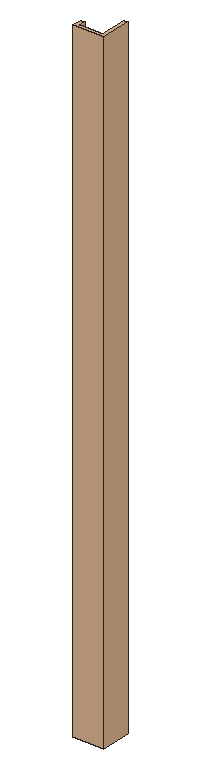
Revit family
Parameters
  Width = 0' - 3"
  Warranty Duration (Years) = 0
  URL = "http://www.asilockers.com/"
  Specification = "http://www.arcat.com/sdspecs/htm/10503asi.htm"
  Send Message = "http://www.arcat.com/users.pl?action=UserEmail&company=ASI%20Storage%20Solutions%20Inc.&coid=42798&rep=139&fax=901-312-6197&mf="
  Sales Information = "http://www.asilockers.com/company.html"
  Revision = "R1_08-2010"
  Product Properties = "http://www.arcat.com/bim/bim_info.pl?fn=ASIStorage"
  Product Data = "http://www.arcat.com/arcatcos/cos42/arc42798.html"
  Model = "As Specified in 10 51 13"
  Finish = "Powder Coated To Match Locker Color"
  Color [instance] = Paint - Almond #03
  Manufacturer Website = "http://www.asilockers.com/"
  Manufacturer Phone = "901-312-6195 "
  Manufacturer Fax = "901-312-6197"
  Manufacturer Address = "4444 Delp St., Memphis, TN 38118"
  Manufacturer = "ASI Storage Solutions Inc."
  Maintenance Schedule (Months) = 0
  Keynote = "10 51 13"
  Installation-Fabrication = "http://www.asilockers.com/installation-assembly/installation.pdf"
  Installation Phase = ""
  Height = 5' - 3"
  Expected Lifespan (Years) = 0
  Drawn By = "Robert S. Weygant, CSI, CDT, SCIP"
  Description = "As Specified in 10 51 13"
  Depth = 0' - 3"
  Copyright = "2010, ARCAT, Inc"
  Construction Details = "http://www.asilockers.com/installation-assembly/one-page-assembly.pdf"
  Color Chart = "http://www.asilockers.com/color-guide.html"
  Assembly Code = "E2010200"
Reference planes (in)
  plane 1 "Center (Front/Back)": y = -0.76892
  plane 2 "Bottom": z = 0
  plane 3 "Center (Left/Right)": x = -2
  plane 4 "Front": y = -2.26892
  plane 5 "Back": y = 0.73108
  plane 6 "Left": x = -3.5
  plane 7 "Right": x = -0.5
  plane 8 "BO Bench": z = 63
Forms (in)
  Extrusion 1, solid, material "Paint - Almond #03" <- "Color"
    sketch origin (0, 0, 0) x (1, 0, 0) y (0, 1, 0)
      loop
        line (-3.5, -2.26892) -> (-0.5, -2.26892) -> (-0.5, 0.73108) -> (-0.875, 0.73108) -> (-0.875, -1.89371) -> (-3.125, -1.89371) -> (-3.125, -1.26892) -> (-3.5, -1.26892) -> (-3.5, -2.26892)
    from 0 to 63
Dimensions and locks (in)
  "Width": plane 6 "Left" to plane 7 "Right"
  "Depth": plane 5 "Back" to plane 4 "Front"
  equal spacing: plane 5 "Back", plane 1 "Center (Front/Back)", plane 4 "Front"
  equal spacing: plane 6 "Left", plane 3 "Center (Left/Right)", plane 7 "Right"
  "Height": plane 8 "BO Bench" to level
  locked: Extrusion 1 sketch curve to plane 4 "Front" at 1
  aligned and locked: plane 8 "BO Bench" to Extrusion 1
Automatic sketch dimensions
  Extrusion 1 sketch curve to plane 4 "Front" = 0' - 0"
  Extrusion 1 sketch curve to plane 6 "Left" = 0' - 0"
  Extrusion 1 sketch curve to plane 5 "Back" = 0' - 0"
  Extrusion 1 sketch curve to plane 7 "Right" = 0' - 0"
  plane 6 "Left" to Extrusion 1 sketch curve = 0' - 0 3/8"
  Extrusion 1 sketch curve to Extrusion 1 sketch curve = 0' - 0 3/8"
  plane 4 "Front" to Extrusion 1 sketch curve = 0' - 0.37521"
